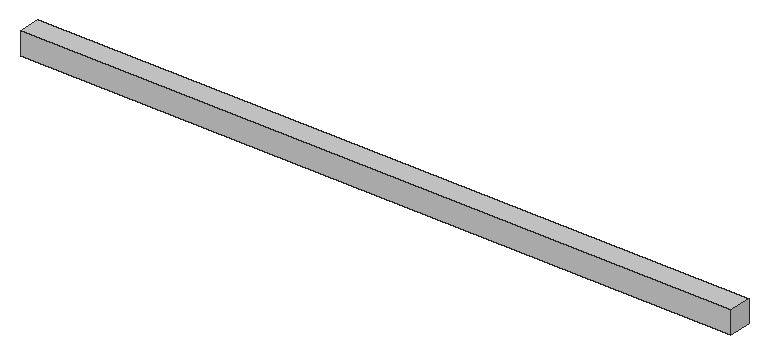
Revit family "M_Barras quadradas", category Quadro estrutural, Revit 2019 (continued)
Types in the file's own list only (191): name | Largura | Momento de inércia de torção | Módulo de torção | Chave do nome do corte | Área de corte | Eixo fraco do módulo plástico | Eixo forte do módulo plástico | Perímetro | Peso nominal | Eixo fraco do momento de inércia | Eixo forte do momento de inércia | Altura | Eixo fraco do módulo de elasticidade | Eixo forte do módulo de elasticidade | Centróide vertical | Centróide horizontal
  RV217.49 | 217.5 mm | 0.00 mm4 | 0.0 mm³ | "RV 8 9/16" | 47300.8 mm² | 2571834.0 mm³ | 2571834.0 mm³ | 0.87 m²/m | 0.00 kgf/m | 186447240.00 mm4 | 186447240.00 mm4 | 217.5 mm | 1714556.0 mm³ | 1714556.0 mm³ | 108.7 mm | 108.7 mm
  RV228.6 | 228.6 mm | 0.00 mm4 | 0.0 mm³ | "RV 9" | 52258.0 mm² | 2986542.0 mm³ | 2986542.0 mm³ | 0.91 m²/m | 0.00 kgf/m | 227574532.00 mm4 | 227574532.00 mm4 | 228.6 mm | 1991028.0 mm³ | 1991028.0 mm³ | 114.3 mm | 114.3 mm
  RV230.19 | 230.2 mm | 0.00 mm4 | 0.0 mm³ | "RV 9 1/16" | 52986.3 mm² | 3049195.0 mm³ | 3049195.0 mm³ | 0.92 m²/m | 0.00 kgf/m | 233962201.00 mm4 | 233962201.00 mm4 | 230.2 mm | 2032797.0 mm³ | 2032797.0 mm³ | 115.1 mm | 115.1 mm
  RV241.3 | 241.3 mm | 0.00 mm4 | 0.0 mm³ | "RV 9 1/2" | 58225.7 mm² | 3512465.0 mm³ | 3512465.0 mm³ | 0.97 m²/m | 0.00 kgf/m | 282519248.00 mm4 | 282519248.00 mm4 | 241.3 mm | 2341643.0 mm³ | 2341643.0 mm³ | 120.7 mm | 120.7 mm
  RV234.95 | 235.0 mm | 0.00 mm4 | 0.0 mm³ | "RV 9 1/4" | 55201.5 mm² | 3242398.0 mm³ | 3242398.0 mm³ | 0.94 m²/m | 0.00 kgf/m | 253933823.00 mm4 | 253933823.00 mm4 | 235.0 mm | 2161599.0 mm³ | 2161599.0 mm³ | 117.5 mm | 117.5 mm
  RV231.78 | 231.8 mm | 0.00 mm4 | 0.0 mm³ | "RV 9 1/8" | 53719.7 mm² | 3112718.0 mm³ | 3112718.0 mm³ | 0.93 m²/m | 0.00 kgf/m | 240483405.00 mm4 | 240483405.00 mm4 | 231.8 mm | 2075145.0 mm³ | 2075145.0 mm³ | 115.9 mm | 115.9 mm
  RV246.06 | 246.1 mm | 0.00 mm4 | 0.0 mm³ | "RV 9 11/16" | 60546.8 mm² | 3724571.0 mm³ | 3724571.0 mm³ | 0.98 m²/m | 0.00 kgf/m | 305492451.00 mm4 | 305492451.00 mm4 | 246.1 mm | 2483048.0 mm³ | 2483048.0 mm³ | 123.0 mm | 123.0 mm
  RV249.24 | 249.2 mm | 0.00 mm4 | 0.0 mm³ | "RV 9 13/16" | 62119.3 mm² | 3870617.0 mm³ | 3870617.0 mm³ | 1.00 m²/m | 0.00 kgf/m | 321567611.00 mm4 | 321567611.00 mm4 | 249.2 mm | 2580411.0 mm³ | 2580411.0 mm³ | 124.6 mm | 124.6 mm
  RV252.41 | 252.4 mm | 0.00 mm4 | 0.0 mm³ | "RV 9 15/16" | 63712.1 mm² | 4020431.0 mm³ | 4020431.0 mm³ | 1.01 m²/m | 0.00 kgf/m | 338268990.00 mm4 | 338268990.00 mm4 | 252.4 mm | 2680287.0 mm³ | 2680287.0 mm³ | 126.2 mm | 126.2 mm
  RV233.36 | 233.4 mm | 0.00 mm4 | 0.0 mm³ | "RV 9 3/16" | 54458.1 mm² | 3177117.0 mm³ | 3177117.0 mm³ | 0.93 m²/m | 0.00 kgf/m | 247139992.00 mm4 | 247139992.00 mm4 | 233.4 mm | 2118078.0 mm³ | 2118078.0 mm³ | 116.7 mm | 116.7 mm
  RV247.65 | 247.7 mm | 0.00 mm4 | 0.0 mm³ | "RV 9 3/4" | 61330.5 mm² | 3797126.0 mm³ | 3797126.0 mm³ | 0.99 m²/m | 0.00 kgf/m | 313452749.00 mm4 | 313452749.00 mm4 | 247.7 mm | 2531417.0 mm³ | 2531417.0 mm³ | 123.8 mm | 123.8 mm
  RV238.13 | 238.1 mm | 0.00 mm4 | 0.0 mm³ | "RV 9 3/8" | 56703.5 mm² | 3375631.0 mm³ | 3375631.0 mm³ | 0.95 m²/m | 0.00 kgf/m | 267940724.00 mm4 | 267940724.00 mm4 | 238.1 mm | 2250421.0 mm³ | 2250421.0 mm³ | 119.1 mm | 119.1 mm
  RV236.54 | 236.5 mm | 0.00 mm4 | 0.0 mm³ | "RV 9 5/16" | 55950.0 mm² | 3308568.0 mm³ | 3308568.0 mm³ | 0.95 m²/m | 0.00 kgf/m | 260866772.00 mm4 | 260866772.00 mm4 | 236.5 mm | 2205712.0 mm³ | 2205712.0 mm³ | 118.3 mm | 118.3 mm
  RV244.48 | 244.5 mm | 0.00 mm4 | 0.0 mm³ | "RV 9 5/8" | 59768.0 mm² | 3652947.0 mm³ | 3652947.0 mm³ | 0.98 m²/m | 0.00 kgf/m | 297684741.00 mm4 | 297684741.00 mm4 | 244.5 mm | 2435298.0 mm³ | 2435298.0 mm³ | 122.2 mm | 122.2 mm
  RV239.71 | 239.7 mm | 0.00 mm4 | 0.0 mm³ | "RV 9 7/16" | 57462.1 mm² | 3443595.0 mm³ | 3443595.0 mm³ | 0.96 m²/m | 0.00 kgf/m | 275157579.00 mm4 | 275157579.00 mm4 | 239.7 mm | 2295730.0 mm³ | 2295730.0 mm³ | 119.9 mm | 119.9 mm
  RV250.83 | 250.8 mm | 0.00 mm4 | 0.0 mm³ | "RV 9 7/8" | 62913.2 mm² | 3945050.0 mm³ | 3945050.0 mm³ | 1.00 m²/m | 0.00 kgf/m | 329839025.00 mm4 | 329839025.00 mm4 | 250.8 mm | 2630033.0 mm³ | 2630033.0 mm³ | 125.4 mm | 125.4 mm
  RV242.89 | 242.9 mm | 0.00 mm4 | 0.0 mm³ | "RV 9 9/16" | 58994.3 mm² | 3582247.0 mm³ | 3582247.0 mm³ | 0.97 m²/m | 0.00 kgf/m | 290027656.00 mm4 | 290027656.00 mm4 | 242.9 mm | 2388165.0 mm³ | 2388165.0 mm³ | 121.4 mm | 121.4 mm
  RV14.288 | 14.3 mm | 0.00 mm4 | 0.0 mm³ | "RV 9/16" | 204.1 mm² | 729.0 mm³ | 729.0 mm³ | 0.06 m²/m | 0.00 kgf/m | 3473.00 mm4 | 3473.00 mm4 | 14.3 mm | 486.0 mm³ | 486.0 mm³ | 7.1 mm | 7.1 mm
